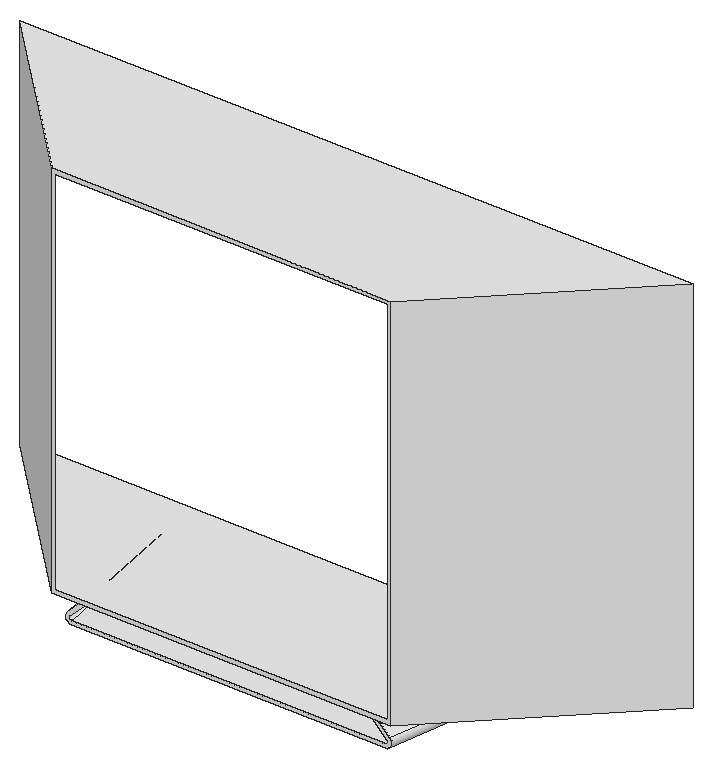
Revit family "Magnuson-Koku-Wall_Mounted_Bookshelf-1", category Furniture, host Face, Revit 2016
Family settings
  Host = Face
  Cut with Voids When Loaded = No
  Shared = No
  Room Calculation Point = No
Parameters (values of type "KOKU")
  Width = 11 1/16"
  URL = "www.magnusongroup.com"
  Type Comments = "Shelving"  # constant formula
  Salvage or Reuse = no
  Revit File Built By = "https://servex-us.com/servex-revit/"
  Percentage of Recycled Content = 0
  Model = "KOKU"
  Manufacturer = "Magnuson Group"  # constant formula
  Low Emitting Material = yes
  Low Emitting Finish = yes
  Keynote = "12500"
  Height = 6 3/4"
  Frame Finish = MAG-Paint Steel White
  Description = "Wall mounted bookshelf"
  Depth = 6 3/4"
  Default Elevation = 48"
  Base Finish = MAG-Paint Steel White
  Assembly Code = "E2020200"
Reference planes (in)
  plane 1 "Center (Front/Back)": y = 0
  plane 2: z = 0
  plane 3 "Center (Left/Right)": x = 0
  plane 4: y = 1.39883
  plane 5: y = -1.39883
  plane 6: y = -1.24135
  plane 7: y = 1.1682
  plane 8: x = 5.57087
  plane 9: x = -5.57087
  plane 10: z = 6.77165
  plane 11: z = 0.47244
Forms (in)
  Blend 1, solid, material "MAG-Paint Steel White" <- "Frame Finish"
    base sketch origin (0, 0.59309, 0) x (1, 0, 0) y (0, 0, 1)
      loop
        line (2.81496, 6.77165) -> (-2.81496, 6.77165) -> (-2.81496, 0.47244) -> (2.81496, 0.47244) -> (2.81496, 6.77165)
    top sketch origin (0, 0, 0) x (1, 0, 0) y (0, 0, 1)
      loop
        line (5.57087, 6.77165) -> (-5.57087, 6.77165) -> (-5.57087, 0.47244) -> (5.57087, 0.47244) -> (5.57087, 6.77165)
    from 1.99192 to -1.39883
  Blend 2, void
    base sketch origin (0, 0.59309, 0) x (1, 0, 0) y (0, 0, 1)
      loop
        line (-2.75246, 0.53494) -> (2.75246, 0.53494) -> (2.75246, 6.70915) -> (-2.75246, 6.70915) -> (-2.75246, 0.53494)
    top sketch origin (0, 0, 0) x (1, 0, 0) y (0, 0, 1)
      loop
        line (-5.50837, 0.53494) -> (5.50837, 0.53494) -> (5.50837, 6.70915) -> (-5.50837, 6.70915) -> (-5.50837, 0.53494)
    from 1.99192 to -1.39883
  Blend 3, solid, material "MAG-Paint Steel White" <- "Base Finish"
    base sketch origin (0, 0.59309, 0) x (1, 0, 0) y (0, 0, 1)
      loop
        arc (3.02257, 0) -> (3.11376, 0.06135) -> (3.0913, 0.16894) r 0.09845
        line (3.0913, 0.16894) -> (2.8571, 0.39734)
        arc (2.8571, 0.39734) -> (2.77215, 0.45295) -> (2.67251, 0.47244) r 0.26438
        line (2.67251, 0.47244) -> (-2.67201, 0.47244)
        arc (-2.67201, 0.47244) -> (-2.77212, 0.45285) -> (-2.85746, 0.39698) r 0.26562
        line (-2.85746, 0.39698) -> (-3.0927, 0.16757)
        arc (-3.0927, 0.16757) -> (-3.11498, 0.06085) -> (-3.02452, 0) r 0.09766
        line (-3.02452, 0) -> (3.02257, 0)
    top sketch origin (0, 0, 0) x (1, 0, 0) y (0, 0, 1)
      loop
        arc (2.60382, 0) -> (2.69428, 0.06085) -> (2.67201, 0.16757) r 0.09766
        line (2.67201, 0.16757) -> (2.43647, 0.39727)
        arc (2.43647, 0.39727) -> (2.35145, 0.45293) -> (2.25171, 0.47244) r 0.26463
        line (2.25171, 0.47244) -> (-2.25131, 0.47244)
        arc (-2.25131, 0.47244) -> (-2.35142, 0.45285) -> (-2.43676, 0.39698) r 0.26562
        line (-2.43676, 0.39698) -> (-2.67201, 0.16757)
        arc (-2.67201, 0.16757) -> (-2.69428, 0.06085) -> (-2.60382, 0) r 0.09766
        line (-2.60382, 0) -> (2.60382, 0)
    from -0.57512 to 1.24135
  Blend 4, void
    base sketch origin (0, 0.59309, 0) x (1, 0, 0) y (0, 0, 1)
      loop
        arc (3.02257, 0.0625) -> (3.05587, 0.0849) -> (3.04767, 0.12419) r 0.03595
        line (3.04767, 0.12419) -> (2.81346, 0.35259)
        arc (2.81346, 0.35259) -> (2.7486, 0.39505) -> (2.67251, 0.40994) r 0.20188
        line (2.67251, 0.40994) -> (-2.67201, 0.40994)
        arc (-2.67201, 0.40994) -> (-2.74856, 0.39496) -> (-2.81382, 0.35224) r 0.20313
        line (-2.81382, 0.35224) -> (-3.04907, 0.12283)
        arc (-3.04907, 0.12283) -> (-3.05708, 0.08441) -> (-3.02452, 0.0625) r 0.03516
        line (-3.02452, 0.0625) -> (3.02257, 0.0625)
    top sketch origin (0, 0, 0) x (1, 0, 0) y (0, 0, 1)
      loop
        arc (2.60017, 0.0625) -> (2.63411, 0.08533) -> (2.62576, 0.12537) r 0.03664
        line (2.62576, 0.12537) -> (2.39313, 0.35224)
        arc (2.39313, 0.35224) -> (2.32786, 0.39496) -> (2.25131, 0.40994) r 0.20313
        line (2.25131, 0.40994) -> (-2.25131, 0.40994)
        arc (-2.25131, 0.40994) -> (-2.32786, 0.39496) -> (-2.39313, 0.35224) r 0.20313
        line (-2.39313, 0.35224) -> (-2.62837, 0.12283)
        arc (-2.62837, 0.12283) -> (-2.63639, 0.08441) -> (-2.60382, 0.0625) r 0.03516
        line (-2.60382, 0.0625) -> (2.60017, 0.0625)
    from -0.57512 to 1.24135
Cuts and joins
  Blend 2 cuts Blend 1
  Blend 4 cuts Blend 3
Lines and regions (in)
  symbolic lines
    curve 1: line (5.57087, 0, 6.77165) -> (-5.57087, 0, 6.77165)
    curve 2: line (5.57087, 0, 0.47244) -> (5.57087, 0, 6.77165)
    curve 3: line (-5.57087, 0, 0.47244) -> (5.57087, 0, 0.47244)
    curve 4: line (-5.57087, 0, 6.77165) -> (-5.57087, 0, 0.47244)
    curve 5: line (5.50837, 0, 6.70915) -> (-5.50837, 0, 6.70915)
    curve 6: line (5.50837, 0, 0.53494) -> (5.50837, 0, 6.70915)
    curve 7: line (-5.50837, 0, 0.53494) -> (5.50837, 0, 0.53494)
    curve 8: line (-5.50837, 0, 6.70915) -> (-5.50837, 0, 0.53494)
    curve 9: line (2.75246, 0, 6.70915) -> (2.75246, 0, 0.53494)
    curve 10: line (-2.75246, 0, 6.70915) -> (-2.75246, 0, 0.53494)
    curve 11: arc (2.67251, 0, 0.47244) -> (2.77215, 0, 0.45295) -> (2.8571, 0, 0.39734) r 0.26438
    curve 12: line (2.8571, 0, 0.39734) -> (3.0913, 0, 0.16894)
    curve 13: arc (3.0913, 0, 0.16894) -> (3.11376, 0, 0.06135) -> (3.02257, 0, 0) r 0.09845
    curve 14: line (-3.02452, 0, 0) -> (3.02257, 0, 0)
    curve 15: arc (-3.02452, 0, 0) -> (-3.11498, 0, 0.06085) -> (-3.0927, 0, 0.16757) r 0.09766
    curve 16: line (-3.0927, 0, 0.16757) -> (-2.85746, 0, 0.39698)
    curve 17: arc (-2.85746, 0, 0.39698) -> (-2.77212, 0, 0.45285) -> (-2.67201, 0, 0.47244) r 0.26562
    curve 18: line (2.67251, 0, 0.40994) -> (-2.67201, 0, 0.40994)
    curve 19: line (-3.02452, 0, 0.0625) -> (3.02257, 0, 0.0625)
    curve 20: arc (3.02257, 0, 0.0625) -> (3.05587, 0, 0.0849) -> (3.04767, 0, 0.12419) r 0.03595
    curve 21: line (3.04767, 0, 0.12419) -> (2.81346, 0, 0.35259)
    curve 22: arc (2.81346, 0, 0.35259) -> (2.7486, 0, 0.39505) -> (2.67251, 0, 0.40994) r 0.20188
    curve 23: arc (-3.04907, 0, 0.12283) -> (-3.05708, 0, 0.08441) -> (-3.02452, 0, 0.0625) r 0.03516
    curve 24: line (-2.81382, 0, 0.35224) -> (-3.04907, 0, 0.12283)
    curve 25: arc (-2.67201, 0, 0.40994) -> (-2.74856, 0, 0.39496) -> (-2.81382, 0, 0.35224) r 0.20313
    curve 26: arc (-2.39313, 0, 0.35224) -> (-2.32786, 0, 0.39496) -> (-2.25131, 0, 0.40994) r 0.20313
    curve 27: line (-2.62837, 0, 0.12283) -> (-2.39313, 0, 0.35224)
    curve 28: arc (-2.60382, 0, 0.0625) -> (-2.63639, 0, 0.08441) -> (-2.62837, 0, 0.12283) r 0.03516
    curve 29: arc (2.25131, 0, 0.40994) -> (2.32786, 0, 0.39496) -> (2.39313, 0, 0.35224) r 0.20313
    curve 30: line (2.39313, 0, 0.35224) -> (2.62576, 0, 0.12537)
    curve 31: arc (2.62576, 0, 0.12537) -> (2.63411, 0, 0.08533) -> (2.60017, 0, 0.0625) r 0.03664
Dimensions and locks (in)
  locked: plane 4 to plane 7 at 0.23063
  locked: plane 6 to plane 5 at 0.15748
  plane 4 to plane 5 = 2.79766"
  equal spacing: plane 8, plane 3 "Center (Left/Right)", plane 9
  plane 8 to plane 9 = 11.14173"
  plane 2 to plane 11 to plane 10 = 0.47244", 6.29921"
  plane 2 to plane 10 = 6.77165"
  aligned and locked: plane 2 to host face
  aligned and locked: level to host face
  aligned and locked: curve 1 to plane 10
  aligned and locked: curve 2 to plane 8
  aligned and locked: plane 9 to curve 4
  aligned and locked: curve 5 to cut or joined group of Blend 1, Blend 2
  aligned and locked: curve 6 to cut or joined group of Blend 1, Blend 2
  aligned and locked: curve 7 to cut or joined group of Blend 1, Blend 2
  aligned and locked: curve 8 to cut or joined group of Blend 1, Blend 2
  aligned and locked: curve 11 to cut or joined group of Blend 3, Blend 4
  aligned and locked: curve 13 to cut or joined group of Blend 3, Blend 4
  aligned and locked: curve 15 to cut or joined group of Blend 3, Blend 4
  aligned and locked: curve 17 to cut or joined group of Blend 3, Blend 4
  aligned and locked: curve 20 to cut or joined group of Blend 3, Blend 4
  aligned and locked: curve 22 to cut or joined group of Blend 3, Blend 4
  aligned and locked: curve 23 to cut or joined group of Blend 3, Blend 4
  aligned and locked: curve 25 to cut or joined group of Blend 3, Blend 4
  aligned and locked: curve 26 to cut or joined group of Blend 3, Blend 4
  aligned and locked: curve 28 to cut or joined group of Blend 3, Blend 4
  aligned and locked: curve 29 to cut or joined group of Blend 3, Blend 4
  aligned and locked: curve 31 to cut or joined group of Blend 3, Blend 4
Automatic sketch dimensions
  level to curve 16 = 0.16757"
  level to curve 24 = 0.12283"
  curve 16 to plane 11 = 0.07546"
  curve 24 to plane 11 = 0.1202"
  level to curve 27 = 0.12283"
  curve 27 to plane 11 = 0.1202"
  curve 30 to plane 11 = 0.1202"
  level to curve 30 = 0.12537"
  curve 21 to plane 11 = 0.11985"
  curve 12 to plane 11 = 0.0751"
  level to curve 21 = 0.12419"
  level to curve 12 = 0.16894"
  curve 10 to plane 3 "Center (Left/Right)" = 2.75246"
  curve 11 to curve 9 = 0.07995"
  host sketch curve to host sketch curve = 34.16303"
  host sketch curve to host sketch curve = 16.2242"
  Blend 1 sketch curve to plane 10 = 0"  (x2)
  Blend 1 sketch curve to plane 11 = 0"  (x2)
  plane 9 to Blend 1 sketch curve = 2.75591"
  Blend 1 sketch curve to plane 8 = 2.75591"
  Blend 1 sketch curve to plane 9 = 0"
  Blend 1 sketch curve to plane 8 = 0"
  Blend 2 sketch curve to plane 10 = 1/16"  (x2)
  Blend 2 sketch curve to plane 3 "Center (Left/Right)" = 2.75246"
  plane 3 "Center (Left/Right)" to Blend 2 sketch curve = 2.75246"
  plane 11 to Blend 2 sketch curve = 1/16"  (x2)
  plane 9 to Blend 2 sketch curve = 1/16"
  Blend 2 sketch curve to plane 8 = 1/16"
  Blend 3 sketch curve to level = 0"  (x2)
  Blend 3 sketch curve to plane 11 = 0"  (x2)
  level to Blend 3 sketch curve = 0.16757"  (x3)
  plane 9 to Blend 3 sketch curve = 2.47816"
  Blend 3 sketch curve to Blend 3 sketch curve = 0.06818"  (x2)
  Blend 3 sketch curve to plane 11 = 0.07546"  (x2)
  Blend 3 sketch curve to Blend 3 sketch curve = 0.23524"  (x2)
  Blend 3 sketch curve to Blend 3 sketch curve = 0.18545"
  level to Blend 3 sketch curve = 0.20806"
  plane 3 "Center (Left/Right)" to Blend 3 sketch curve = 2.67251"
  Blend 3 sketch curve to plane 11 = 0.0751"
  level to Blend 3 sketch curve = 0.09845"
  Blend 3 sketch curve to Blend 3 sketch curve = 0.16547"
  level to Blend 3 sketch curve = 0.16894"
  Blend 3 sketch curve to plane 3 "Center (Left/Right)" = 2.67201"
  level to Blend 3 sketch curve = 0.20682"
  level to Blend 3 sketch curve = 0.20781"
  plane 3 "Center (Left/Right)" to Blend 3 sketch curve = 2.25171"
  Blend 3 sketch curve to plane 11 = 0.07518"
  level to Blend 3 sketch curve = 25/256"
  Blend 3 sketch curve to Blend 3 sketch curve = 0.16735"
  level to Blend 4 sketch curve = 0.12283"  (x2)
  plane 9 to Blend 4 sketch curve = 2.5218"
  Blend 4 sketch curve to Blend 4 sketch curve = 0.02455"  (x2)
  Blend 4 sketch curve to plane 11 = 0.1202"  (x3)
  Blend 4 sketch curve to Blend 4 sketch curve = 0.23524"  (x2)
  Blend 4 sketch curve to Blend 4 sketch curve = 0.14182"  (x3)
  Blend 4 sketch curve to plane 11 = 1/16"  (x2)
  plane 3 "Center (Left/Right)" to Blend 4 sketch curve = 2.67251"
  Blend 4 sketch curve to plane 11 = 0.11985"
  Blend 4 sketch curve to Blend 4 sketch curve = 0.14095"
  level to Blend 4 sketch curve = 1/16"  (x2)
  Blend 4 sketch curve to Blend 4 sketch curve = 0.2091"
  level to Blend 4 sketch curve = 0.12419"
  Blend 4 sketch curve to Blend 4 sketch curve = 0.0251"
  Blend 4 sketch curve to plane 3 "Center (Left/Right)" = 2.62837"
  plane 3 "Center (Left/Right)" to Blend 4 sketch curve = 2.25131"
  Blend 4 sketch curve to Blend 4 sketch curve = 53/256"
  level to Blend 4 sketch curve = 0.12537"
  Blend 4 sketch curve to Blend 4 sketch curve = 0.02558"
